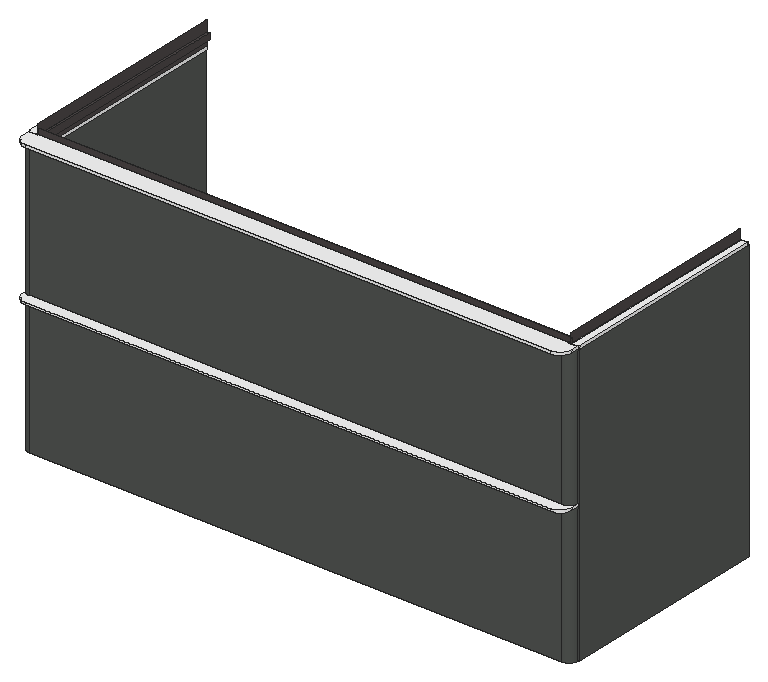
Revit family "vanity unit with 2 drawers", category Furniture, Revit 2019 (continued)
  Vanity unit 480_475 with 2 drawers for handrinse basin-54019700-High Gloss White-MATT_WHITE-400 | "25.3" | no | no | no | no | no | no | no | no | no | no | no | no | no | no | no | no | no | no | no | no | no | no | no | no | no | no | no | no | no | no | no | no | no | no | no | no | no | no | no | no | no | no | no | no | no | no | no | no | no | no | no | no | no | no | no | no | no | no | no | no | no | no | no | no | no | no | no | no | no | no | no | no | no | no | no | no | no | no | no | no | no | no | no | no | no | no | no | no | no | no | yes | no | no | no | no | no | no | no | no | no | no | no | no | no | no | no | no | no | no | no | no | no | no | no | no | no | no | no | no | no | "MATT_WHITE" | "https://pro.hansgrohe.com/articledetail--54019000" | "54019XXX" | "High Gloss White" | "Vanity unit 480/475 with 2 drawers for handrinse basin-54019700-High Gloss White-MATT_WHITE-400" | "Xelu Q Vanity unit High Gloss White 480/475 with 2 drawers for handrinse basin" | "Vanity unit 480/475 with 2 drawers for handrinse basin-54019700-High Gloss White-MATT_WHITE-400" | "{$CADENAS_DATA/23d-libs/hansgrohe/xelu_furniture/vanity_unit_2_drawers_basin/vanity_unit_with_2_drawers_for_basin.prj},358 {VTYP=3D},{NB=Vanity unit 480/475 with 2 drawers for handrinse basin-54019700-High Gloss White-MATT_WHITE-400},{LINA=Vanity unit 480/475 with 2 drawers for handrinse basin-54019700-High Gloss White-MATT_WHITE-400},{NN=Vanity Unit with 2 Drawers},{DATE=10.03.2023 08:13:12},{GEOMDATE=08.03.2023 13:51:26},{VERSION=},{LINEID=30},{WBVAR=LODLEVEL},{WBNUMERIC=}  {NB=Vanity unit 480/475 with 2 drawers for handrinse basin-54019700-High Gloss White-MATT_WHITE-400},{LINA=Vanity unit 480/475 with 2 drawers for handrinse basin-54019700-High Gloss White-MATT_WHITE-400},{KT=DUMMY},{IDNR=3},{ARTNR=54019700},{BASENUMBER=Vanity unit 480/475 with 2 drawers for handrinse basin},{MODEL=54019XXX},{OBERFLAECHE=High Gloss White},{SURFACE=MATT_WHITE},{L=480},{LODLEVEL=400},{LODLEVELX='400','400','200','200'},{NAME=Xelu Q Vanity unit High Gloss White 480/475 with 2 drawers for handrinse basin},{PERMALINK=54019XXX},{OBJECTTYPE=Object (single object)},{BIMOBJECT=Sanitary: Compound units},{PRODUCTFAMILY=Xelu Q},{PRODUCTGROUP=vanity unit},{WEIGHT=25.3},{DESCRIPTION=Xelu Q Vanity unit High Gloss White 480/475 with 2 drawers for handrinse basin},{SPECIFICATION=},{PRODUCTURL=https://pro.hansgrohe.com/articledetail--54019000},{GTINCODE=4059625455289},{TENDERURL=},{IFC=Furnishing element},{ETIM=EC011381 | Bathroom furniture set},{UNICLASS2015=Pr_40_30_78_05 | Bathroom furniture},{OMNICLASS=23-21 19 15 33 13 | Residential Bathroom Specialty Casework},{MASTERFORMAT=12 35 30.23 | Bathroom Casework},{UNSPSC=56 | Furniture and Furnishings},{UNIFORMATII=E2010 | Fixed Furnishings},{REGIONSET=Worldwide},{DESIGN=Germany},{MANUFACTURER=Germany}" | "400" | "Vanity unit 480/475 with 2 drawers for handrinse basin-54019700-High Gloss White-MATT_WHITE-400" | 480 | "4059625455289" | "Vanity unit 480/475 with 2 drawers for handrinse basin" | "54019700"
  Vanity unit 480_475 with 2 drawers for handrinse basin-54020000-Diamond Matt Grey-CHROME-200 | "25.3" | no | no | no | no | no | no | no | no | no | no | no | no | no | no | no | no | no | no | no | no | no | no | no | no | no | no | no | no | no | no | no | no | no | no | no | no | no | no | no | no | no | no | no | no | no | no | no | no | no | no | no | no | no | no | no | no | no | no | no | no | no | no | no | no | no | no | no | no | no | no | no | no | no | no | no | no | no | no | no | no | no | no | no | no | no | no | no | no | no | yes | no | no | no | no | no | no | no | no | no | no | no | no | no | no | no | no | no | no | no | no | no | no | no | no | no | no | no | no | no | no | "CHROME" | "https://pro.hansgrohe.com/articledetail--54020000" | "54020XXX" | "Diamond Matt Grey" | "Vanity unit 480/475 with 2 drawers for handrinse basin-54020000-Diamond Matt Grey-CHROME-200" | "Xelu Q Vanity unit Diamond Matt Grey 480/475 with 2 drawers for handrinse basin" | "Vanity unit 480/475 with 2 drawers for handrinse basin-54020000-Diamond Matt Grey-CHROME-200" | "{$CADENAS_DATA/23d-libs/hansgrohe/xelu_furniture/vanity_unit_2_drawers_basin/vanity_unit_with_2_drawers_for_basin.prj},352 {VTYP=3D},{NB=Vanity unit 480/475 with 2 drawers for handrinse basin-54020000-Diamond Matt Grey-CHROME-200},{LINA=Vanity unit 480/475 with 2 drawers for handrinse basin-54020000-Diamond Matt Grey-CHROME-200},{NN=Vanity Unit with 2 Drawers},{DATE=10.03.2023 08:13:12},{GEOMDATE=08.03.2023 13:51:26},{VERSION=},{LINEID=40},{WBVAR=LODLEVEL},{WBNUMERIC=}  {NB=Vanity unit 480/475 with 2 drawers for handrinse basin-54020000-Diamond Matt Grey-CHROME-200},{LINA=Vanity unit 480/475 with 2 drawers for handrinse basin-54020000-Diamond Matt Grey-CHROME-200},{KT=DUMMY},{IDNR=4},{ARTNR=54020000},{BASENUMBER=Vanity unit 480/475 with 2 drawers for handrinse basin},{MODEL=54020XXX},{OBERFLAECHE=Diamond Matt Grey},{SURFACE=CHROME},{L=480},{LODLEVEL=200},{LODLEVELX='400','400','200','200'},{NAME=Xelu Q Vanity unit Diamond Matt Grey 480/475 with 2 drawers for handrinse basin},{PERMALINK=54020XXX},{OBJECTTYPE=Object (single object)},{BIMOBJECT=Sanitary: Compound units},{PRODUCTFAMILY=Xelu Q},{PRODUCTGROUP=vanity unit},{WEIGHT=25.3},{DESCRIPTION=Xelu Q Vanity unit Diamond Matt Grey 480/475 with 2 drawers for handrinse basin},{SPECIFICATION=},{PRODUCTURL=https://pro.hansgrohe.com/articledetail--54020000},{GTINCODE=4059625455258},{TENDERURL=},{IFC=Furnishing element},{ETIM=EC011381 | Bathroom furniture set},{UNICLASS2015=Pr_40_30_78_05 | Bathroom furniture},{OMNICLASS=23-21 19 15 33 13 | Residential Bathroom Specialty Casework},{MASTERFORMAT=12 35 30.23 | Bathroom Casework},{UNSPSC=56 | Furniture and Furnishings},{UNIFORMATII=E2010 | Fixed Furnishings},{REGIONSET=Worldwide},{DESIGN=Germany},{MANUFACTURER=Germany}" | "200" | "Vanity unit 480/475 with 2 drawers for handrinse basin-54020000-Diamond Matt Grey-CHROME-200" | 480 | "4059625455258" | "Vanity unit 480/475 with 2 drawers for handrinse basin" | "54020000"
  Vanity unit 480_475 with 2 drawers for handrinse basin-54020000-Diamond Matt Grey-CHROME-400 | "25.3" | no | no | no | no | no | no | no | no | no | no | no | no | no | no | no | no | no | no | no | no | no | no | no | no | no | no | no | no | no | no | no | no | no | no | no | no | no | no | no | no | no | no | no | no | no | no | no | no | no | no | no | no | no | no | no | no | no | no | no | no | no | no | no | no | no | no | no | no | no | no | no | no | no | no | no | no | no | no | no | no | no | no | no | no | no | no | no | no | yes | no | no | no | no | no | no | no | no | no | no | no | no | no | no | no | no | no | no | no | no | no | no | no | no | no | no | no | no | no | no | no | "CHROME" | "https://pro.hansgrohe.com/articledetail--54020000" | "54020XXX" | "Diamond Matt Grey" | "Vanity unit 480/475 with 2 drawers for handrinse basin-54020000-Diamond Matt Grey-CHROME-400" | "Xelu Q Vanity unit Diamond Matt Grey 480/475 with 2 drawers for handrinse basin" | "Vanity unit 480/475 with 2 drawers for handrinse basin-54020000-Diamond Matt Grey-CHROME-400" | "{$CADENAS_DATA/23d-libs/hansgrohe/xelu_furniture/vanity_unit_2_drawers_basin/vanity_unit_with_2_drawers_for_basin.prj},352 {VTYP=3D},{NB=Vanity unit 480/475 with 2 drawers for handrinse basin-54020000-Diamond Matt Grey-CHROME-400},{LINA=Vanity unit 480/475 with 2 drawers for handrinse basin-54020000-Diamond Matt Grey-CHROME-400},{NN=Vanity Unit with 2 Drawers},{DATE=10.03.2023 08:13:12},{GEOMDATE=08.03.2023 13:51:26},{VERSION=},{LINEID=40},{WBVAR=LODLEVEL},{WBNUMERIC=}  {NB=Vanity unit 480/475 with 2 drawers for handrinse basin-54020000-Diamond Matt Grey-CHROME-400},{LINA=Vanity unit 480/475 with 2 drawers for handrinse basin-54020000-Diamond Matt Grey-CHROME-400},{KT=DUMMY},{IDNR=4},{ARTNR=54020000},{BASENUMBER=Vanity unit 480/475 with 2 drawers for handrinse basin},{MODEL=54020XXX},{OBERFLAECHE=Diamond Matt Grey},{SURFACE=CHROME},{L=480},{LODLEVEL=400},{LODLEVELX='400','400','200','200'},{NAME=Xelu Q Vanity unit Diamond Matt Grey 480/475 with 2 drawers for handrinse basin},{PERMALINK=54020XXX},{OBJECTTYPE=Object (single object)},{BIMOBJECT=Sanitary: Compound units},{PRODUCTFAMILY=Xelu Q},{PRODUCTGROUP=vanity unit},{WEIGHT=25.3},{DESCRIPTION=Xelu Q Vanity unit Diamond Matt Grey 480/475 with 2 drawers for handrinse basin},{SPECIFICATION=},{PRODUCTURL=https://pro.hansgrohe.com/articledetail--54020000},{GTINCODE=4059625455258},{TENDERURL=},{IFC=Furnishing element},{ETIM=EC011381 | Bathroom furniture set},{UNICLASS2015=Pr_40_30_78_05 | Bathroom furniture},{OMNICLASS=23-21 19 15 33 13 | Residential Bathroom Specialty Casework},{MASTERFORMAT=12 35 30.23 | Bathroom Casework},{UNSPSC=56 | Furniture and Furnishings},{UNIFORMATII=E2010 | Fixed Furnishings},{REGIONSET=Worldwide},{DESIGN=Germany},{MANUFACTURER=Germany}" | "400" | "Vanity unit 480/475 with 2 drawers for handrinse basin-54020000-Diamond Matt Grey-CHROME-400" | 480 | "4059625455258" | "Vanity unit 480/475 with 2 drawers for handrinse basin" | "54020000"
  Vanity unit 480_475 with 2 drawers for handrinse basin-54020670-Diamond Matt Grey-MATT_BLACK-200 | "25.3" | no | no | no | no | no | no | no | no | no | no | no | no | no | no | no | no | no | no | no | no | no | no | no | no | no | no | no | no | no | no | no | no | no | no | no | no | no | no | no | no | no | no | no | no | no | no | no | no | no | no | no | no | no | no | no | no | no | no | no | no | no | no | no | no | no | no | no | no | no | no | no | no | no | no | no | no | no | no | no | no | no | no | no | no | no | no | no | yes | no | no | no | no | no | no | no | no | no | no | no | no | no | no | no | no | no | no | no | no | no | no | no | no | no | no | no | no | no | no | no | no | "MATT_BLACK" | "https://pro.hansgrohe.com/articledetail--54020000" | "54020XXX" | "Diamond Matt Grey" | "Vanity unit 480/475 with 2 drawers for handrinse basin-54020670-Diamond Matt Grey-MATT_BLACK-200" | "Xelu Q Vanity unit Diamond Matt Grey 480/475 with 2 drawers for handrinse basin" | "Vanity unit 480/475 with 2 drawers for handrinse basin-54020670-Diamond Matt Grey-MATT_BLACK-200" | "{$CADENAS_DATA/23d-libs/hansgrohe/xelu_furniture/vanity_unit_2_drawers_basin/vanity_unit_with_2_drawers_for_basin.prj},360 {VTYP=3D},{NB=Vanity unit 480/475 with 2 drawers for handrinse basin-54020670-Diamond Matt Grey-MATT_BLACK-200},{LINA=Vanity unit 480/475 with 2 drawers for handrinse basin-54020670-Diamond Matt Grey-MATT_BLACK-200},{NN=Vanity Unit with 2 Drawers},{DATE=10.03.2023 08:13:12},{GEOMDATE=08.03.2023 13:51:26},{VERSION=},{LINEID=50},{WBVAR=LODLEVEL},{WBNUMERIC=}  {NB=Vanity unit 480/475 with 2 drawers for handrinse basin-54020670-Diamond Matt Grey-MATT_BLACK-200},{LINA=Vanity unit 480/475 with 2 drawers for handrinse basin-54020670-Diamond Matt Grey-MATT_BLACK-200},{KT=DUMMY},{IDNR=5},{ARTNR=54020670},{BASENUMBER=Vanity unit 480/475 with 2 drawers for handrinse basin},{MODEL=54020XXX},{OBERFLAECHE=Diamond Matt Grey},{SURFACE=MATT_BLACK},{L=480},{LODLEVEL=200},{LODLEVELX='400','400','200','200'},{NAME=Xelu Q Vanity unit Diamond Matt Grey 480/475 with 2 drawers for handrinse basin},{PERMALINK=54020XXX},{OBJECTTYPE=Object (single object)},{BIMOBJECT=Sanitary: Compound units},{PRODUCTFAMILY=Xelu Q},{PRODUCTGROUP=vanity unit},{WEIGHT=25.3},{DESCRIPTION=Xelu Q Vanity unit Diamond Matt Grey 480/475 with 2 drawers for handrinse basin},{SPECIFICATION=},{PRODUCTURL=https://pro.hansgrohe.com/articledetail--54020000},{GTINCODE=4059625455258},{TENDERURL=},{IFC=Furnishing element},{ETIM=EC011381 | Bathroom furniture set},{UNICLASS2015=Pr_40_30_78_05 | Bathroom furniture},{OMNICLASS=23-21 19 15 33 13 | Residential Bathroom Specialty Casework},{MASTERFORMAT=12 35 30.23 | Bathroom Casework},{UNSPSC=56 | Furniture and Furnishings},{UNIFORMATII=E2010 | Fixed Furnishings},{REGIONSET=Worldwide},{DESIGN=Germany},{MANUFACTURER=Germany}" | "200" | "Vanity unit 480/475 with 2 drawers for handrinse basin-54020670-Diamond Matt Grey-MATT_BLACK-200" | 480 | "4059625455258" | "Vanity unit 480/475 with 2 drawers for handrinse basin" | "54020670"
  Vanity unit 480_475 with 2 drawers for handrinse basin-54020670-Diamond Matt Grey-MATT_BLACK-400 | "25.3" | no | no | no | no | no | no | no | no | no | no | no | no | no | no | no | no | no | no | no | no | no | no | no | no | no | no | no | no | no | no | no | no | no | no | no | no | no | no | no | no | no | no | no | no | no | no | no | no | no | no | no | no | no | no | no | no | no | no | no | no | no | no | no | no | no | no | no | no | no | no | no | no | no | no | no | no | no | no | no | no | no | no | no | no | no | no | yes | no | no | no | no | no | no | no | no | no | no | no | no | no | no | no | no | no | no | no | no | no | no | no | no | no | no | no | no | no | no | no | no | no | "MATT_BLACK" | "https://pro.hansgrohe.com/articledetail--54020000" | "54020XXX" | "Diamond Matt Grey" | "Vanity unit 480/475 with 2 drawers for handrinse basin-54020670-Diamond Matt Grey-MATT_BLACK-400" | "Xelu Q Vanity unit Diamond Matt Grey 480/475 with 2 drawers for handrinse basin" | "Vanity unit 480/475 with 2 drawers for handrinse basin-54020670-Diamond Matt Grey-MATT_BLACK-400" | "{$CADENAS_DATA/23d-libs/hansgrohe/xelu_furniture/vanity_unit_2_drawers_basin/vanity_unit_with_2_drawers_for_basin.prj},360 {VTYP=3D},{NB=Vanity unit 480/475 with 2 drawers for handrinse basin-54020670-Diamond Matt Grey-MATT_BLACK-400},{LINA=Vanity unit 480/475 with 2 drawers for handrinse basin-54020670-Diamond Matt Grey-MATT_BLACK-400},{NN=Vanity Unit with 2 Drawers},{DATE=10.03.2023 08:13:12},{GEOMDATE=08.03.2023 13:51:26},{VERSION=},{LINEID=50},{WBVAR=LODLEVEL},{WBNUMERIC=}  {NB=Vanity unit 480/475 with 2 drawers for handrinse basin-54020670-Diamond Matt Grey-MATT_BLACK-400},{LINA=Vanity unit 480/475 with 2 drawers for handrinse basin-54020670-Diamond Matt Grey-MATT_BLACK-400},{KT=DUMMY},{IDNR=5},{ARTNR=54020670},{BASENUMBER=Vanity unit 480/475 with 2 drawers for handrinse basin},{MODEL=54020XXX},{OBERFLAECHE=Diamond Matt Grey},{SURFACE=MATT_BLACK},{L=480},{LODLEVEL=400},{LODLEVELX='400','400','200','200'},{NAME=Xelu Q Vanity unit Diamond Matt Grey 480/475 with 2 drawers for handrinse basin},{PERMALINK=54020XXX},{OBJECTTYPE=Object (single object)},{BIMOBJECT=Sanitary: Compound units},{PRODUCTFAMILY=Xelu Q},{PRODUCTGROUP=vanity unit},{WEIGHT=25.3},{DESCRIPTION=Xelu Q Vanity unit Diamond Matt Grey 480/475 with 2 drawers for handrinse basin},{SPECIFICATION=},{PRODUCTURL=https://pro.hansgrohe.com/articledetail--54020000},{GTINCODE=4059625455258},{TENDERURL=},{IFC=Furnishing element},{ETIM=EC011381 | Bathroom furniture set},{UNICLASS2015=Pr_40_30_78_05 | Bathroom furniture},{OMNICLASS=23-21 19 15 33 13 | Residential Bathroom Specialty Casework},{MASTERFORMAT=12 35 30.23 | Bathroom Casework},{UNSPSC=56 | Furniture and Furnishings},{UNIFORMATII=E2010 | Fixed Furnishings},{REGIONSET=Worldwide},{DESIGN=Germany},{MANUFACTURER=Germany}" | "400" | "Vanity unit 480/475 with 2 drawers for handrinse basin-54020670-Diamond Matt Grey-MATT_BLACK-400" | 480 | "4059625455258" | "Vanity unit 480/475 with 2 drawers for handrinse basin" | "54020670"
  Vanity unit 480_475 with 2 drawers for handrinse basin-54020700-Diamond Matt Grey-MATT_WHITE-200 | "25.3" | no | no | no | no | no | no | no | no | no | no | no | no | no | no | no | no | no | no | no | no | no | no | no | no | no | no | no | no | no | no | no | no | no | no | no | no | no | no | no | no | no | no | no | no | no | no | no | no | no | no | no | no | no | no | no | no | no | no | no | no | no | no | no | no | no | no | no | no | no | no | no | no | no | no | no | no | no | no | no | no | no | no | no | no | no | yes | no | no | no | no | no | no | no | no | no | no | no | no | no | no | no | no | no | no | no | no | no | no | no | no | no | no | no | no | no | no | no | no | no | no | "MATT_WHITE" | "https://pro.hansgrohe.com/articledetail--54020000" | "54020XXX" | "Diamond Matt Grey" | "Vanity unit 480/475 with 2 drawers for handrinse basin-54020700-Diamond Matt Grey-MATT_WHITE-200" | "Xelu Q Vanity unit Diamond Matt Grey 480/475 with 2 drawers for handrinse basin" | "Vanity unit 480/475 with 2 drawers for handrinse basin-54020700-Diamond Matt Grey-MATT_WHITE-200" | "{$CADENAS_DATA/23d-libs/hansgrohe/xelu_furniture/vanity_unit_2_drawers_basin/vanity_unit_with_2_drawers_for_basin.prj},360 {VTYP=3D},{NB=Vanity unit 480/475 with 2 drawers for handrinse basin-54020700-Diamond Matt Grey-MATT_WHITE-200},{LINA=Vanity unit 480/475 with 2 drawers for handrinse basin-54020700-Diamond Matt Grey-MATT_WHITE-200},{NN=Vanity Unit with 2 Drawers},{DATE=10.03.2023 08:13:12},{GEOMDATE=08.03.2023 13:51:26},{VERSION=},{LINEID=60},{WBVAR=LODLEVEL},{WBNUMERIC=}  {NB=Vanity unit 480/475 with 2 drawers for handrinse basin-54020700-Diamond Matt Grey-MATT_WHITE-200},{LINA=Vanity unit 480/475 with 2 drawers for handrinse basin-54020700-Diamond Matt Grey-MATT_WHITE-200},{KT=DUMMY},{IDNR=6},{ARTNR=54020700},{BASENUMBER=Vanity unit 480/475 with 2 drawers for handrinse basin},{MODEL=54020XXX},{OBERFLAECHE=Diamond Matt Grey},{SURFACE=MATT_WHITE},{L=480},{LODLEVEL=200},{LODLEVELX='400','400','200','200'},{NAME=Xelu Q Vanity unit Diamond Matt Grey 480/475 with 2 drawers for handrinse basin},{PERMALINK=54020XXX},{OBJECTTYPE=Object (single object)},{BIMOBJECT=Sanitary: Compound units},{PRODUCTFAMILY=Xelu Q},{PRODUCTGROUP=vanity unit},{WEIGHT=25.3},{DESCRIPTION=Xelu Q Vanity unit Diamond Matt Grey 480/475 with 2 drawers for handrinse basin},{SPECIFICATION=},{PRODUCTURL=https://pro.hansgrohe.com/articledetail--54020000},{GTINCODE=4059625455258},{TENDERURL=},{IFC=Furnishing element},{ETIM=EC011381 | Bathroom furniture set},{UNICLASS2015=Pr_40_30_78_05 | Bathroom furniture},{OMNICLASS=23-21 19 15 33 13 | Residential Bathroom Specialty Casework},{MASTERFORMAT=12 35 30.23 | Bathroom Casework},{UNSPSC=56 | Furniture and Furnishings},{UNIFORMATII=E2010 | Fixed Furnishings},{REGIONSET=Worldwide},{DESIGN=Germany},{MANUFACTURER=Germany}" | "200" | "Vanity unit 480/475 with 2 drawers for handrinse basin-54020700-Diamond Matt Grey-MATT_WHITE-200" | 480 | "4059625455258" | "Vanity unit 480/475 with 2 drawers for handrinse basin" | "54020700"
  Vanity unit 480_475 with 2 drawers for handrinse basin-54020700-Diamond Matt Grey-MATT_WHITE-400 | "25.3" | no | no | no | no | no | no | no | no | no | no | no | no | no | no | no | no | no | no | no | no | no | no | no | no | no | no | no | no | no | no | no | no | no | no | no | no | no | no | no | no | no | no | no | no | no | no | no | no | no | no | no | no | no | no | no | no | no | no | no | no | no | no | no | no | no | no | no | no | no | no | no | no | no | no | no | no | no | no | no | no | no | no | no | no | yes | no | no | no | no | no | no | no | no | no | no | no | no | no | no | no | no | no | no | no | no | no | no | no | no | no | no | no | no | no | no | no | no | no | no | no | "MATT_WHITE" | "https://pro.hansgrohe.com/articledetail--54020000" | "54020XXX" | "Diamond Matt Grey" | "Vanity unit 480/475 with 2 drawers for handrinse basin-54020700-Diamond Matt Grey-MATT_WHITE-400" | "Xelu Q Vanity unit Diamond Matt Grey 480/475 with 2 drawers for handrinse basin" | "Vanity unit 480/475 with 2 drawers for handrinse basin-54020700-Diamond Matt Grey-MATT_WHITE-400" | "{$CADENAS_DATA/23d-libs/hansgrohe/xelu_furniture/vanity_unit_2_drawers_basin/vanity_unit_with_2_drawers_for_basin.prj},360 {VTYP=3D},{NB=Vanity unit 480/475 with 2 drawers for handrinse basin-54020700-Diamond Matt Grey-MATT_WHITE-400},{LINA=Vanity unit 480/475 with 2 drawers for handrinse basin-54020700-Diamond Matt Grey-MATT_WHITE-400},{NN=Vanity Unit with 2 Drawers},{DATE=10.03.2023 08:13:12},{GEOMDATE=08.03.2023 13:51:26},{VERSION=},{LINEID=60},{WBVAR=LODLEVEL},{WBNUMERIC=}  {NB=Vanity unit 480/475 with 2 drawers for handrinse basin-54020700-Diamond Matt Grey-MATT_WHITE-400},{LINA=Vanity unit 480/475 with 2 drawers for handrinse basin-54020700-Diamond Matt Grey-MATT_WHITE-400},{KT=DUMMY},{IDNR=6},{ARTNR=54020700},{BASENUMBER=Vanity unit 480/475 with 2 drawers for handrinse basin},{MODEL=54020XXX},{OBERFLAECHE=Diamond Matt Grey},{SURFACE=MATT_WHITE},{L=480},{LODLEVEL=400},{LODLEVELX='400','400','200','200'},{NAME=Xelu Q Vanity unit Diamond Matt Grey 480/475 with 2 drawers for handrinse basin},{PERMALINK=54020XXX},{OBJECTTYPE=Object (single object)},{BIMOBJECT=Sanitary: Compound units},{PRODUCTFAMILY=Xelu Q},{PRODUCTGROUP=vanity unit},{WEIGHT=25.3},{DESCRIPTION=Xelu Q Vanity unit Diamond Matt Grey 480/475 with 2 drawers for handrinse basin},{SPECIFICATION=},{PRODUCTURL=https://pro.hansgrohe.com/articledetail--54020000},{GTINCODE=4059625455258},{TENDERURL=},{IFC=Furnishing element},{ETIM=EC011381 | Bathroom furniture set},{UNICLASS2015=Pr_40_30_78_05 | Bathroom furniture},{OMNICLASS=23-21 19 15 33 13 | Residential Bathroom Specialty Casework},{MASTERFORMAT=12 35 30.23 | Bathroom Casework},{UNSPSC=56 | Furniture and Furnishings},{UNIFORMATII=E2010 | Fixed Furnishings},{REGIONSET=Worldwide},{DESIGN=Germany},{MANUFACTURER=Germany}" | "400" | "Vanity unit 480/475 with 2 drawers for handrinse basin-54020700-Diamond Matt Grey-MATT_WHITE-400" | 480 | "4059625455258" | "Vanity unit 480/475 with 2 drawers for handrinse basin" | "54020700"
  Vanity unit 480_475 with 2 drawers for handrinse basin-54021000-Natural Oak-CHROME-200 | "25.3" | no | no | no | no | no | no | no | no | no | no | no | no | no | no | no | no | no | no | no | no | no | no | no | no | no | no | no | no | no | no | no | no | no | no | no | no | no | no | no | no | no | no | no | no | no | no | no | no | no | no | no | no | no | no | no | no | no | no | no | no | no | no | no | no | no | no | no | no | no | no | no | no | no | no | no | no | no | no | no | no | no | no | no | yes | no | no | no | no | no | no | no | no | no | no | no | no | no | no | no | no | no | no | no | no | no | no | no | no | no | no | no | no | no | no | no | no | no | no | no | no | "CHROME" | "https://pro.hansgrohe.com/articledetail--54021000" | "54021XXX" | "Natural Oak" | "Vanity unit 480/475 with 2 drawers for handrinse basin-54021000-Natural Oak-CHROME-200" | "Xelu Q Vanity unit Natural Oak 480/475 with 2 drawers for handrinse basin" | "Vanity unit 480/475 with 2 drawers for handrinse basin-54021000-Natural Oak-CHROME-200" | "{$CADENAS_DATA/23d-libs/hansgrohe/xelu_furniture/vanity_unit_2_drawers_basin/vanity_unit_with_2_drawers_for_basin.prj},340 {VTYP=3D},{NB=Vanity unit 480/475 with 2 drawers for handrinse basin-54021000-Natural Oak-CHROME-200},{LINA=Vanity unit 480/475 with 2 drawers for handrinse basin-54021000-Natural Oak-CHROME-200},{NN=Vanity Unit with 2 Drawers},{DATE=10.03.2023 08:13:12},{GEOMDATE=08.03.2023 13:51:26},{VERSION=},{LINEID=90},{WBVAR=LODLEVEL},{WBNUMERIC=}  {NB=Vanity unit 480/475 with 2 drawers for handrinse basin-54021000-Natural Oak-CHROME-200},{LINA=Vanity unit 480/475 with 2 drawers for handrinse basin-54021000-Natural Oak-CHROME-200},{KT=DUMMY},{IDNR=9},{ARTNR=54021000},{BASENUMBER=Vanity unit 480/475 with 2 drawers for handrinse basin},{MODEL=54021XXX},{OBERFLAECHE=Natural Oak},{SURFACE=CHROME},{L=480},{LODLEVEL=200},{LODLEVELX='400','400','200','200'},{NAME=Xelu Q Vanity unit Natural Oak 480/475 with 2 drawers for handrinse basin},{PERMALINK=54021XXX},{OBJECTTYPE=Object (single object)},{BIMOBJECT=Sanitary: Compound units},{PRODUCTFAMILY=Xelu Q},{PRODUCTGROUP=vanity unit},{WEIGHT=25.3},{DESCRIPTION=Xelu Q Vanity unit Natural Oak 480/475 with 2 drawers for handrinse basin},{SPECIFICATION=},{PRODUCTURL=https://pro.hansgrohe.com/articledetail--54021000},{GTINCODE=4059625455227},{TENDERURL=},{IFC=Furnishing element},{ETIM=EC011381 | Bathroom furniture set},{UNICLASS2015=Pr_40_30_78_05 | Bathroom furniture},{OMNICLASS=23-21 19 15 33 13 | Residential Bathroom Specialty Casework},{MASTERFORMAT=12 35 30.23 | Bathroom Casework},{UNSPSC=56 | Furniture and Furnishings},{UNIFORMATII=E2010 | Fixed Furnishings},{REGIONSET=Worldwide},{DESIGN=Germany},{MANUFACTURER=Germany}" | "200" | "Vanity unit 480/475 with 2 drawers for handrinse basin-54021000-Natural Oak-CHROME-200" | 480 | "4059625455227" | "Vanity unit 480/475 with 2 drawers for handrinse basin" | "54021000"
  Vanity unit 480_475 with 2 drawers for handrinse basin-54021000-Natural Oak-CHROME-400 | "25.3" | no | no | no | no | no | no | no | no | no | no | no | no | no | no | no | no | no | no | no | no | no | no | no | no | no | no | no | no | no | no | no | no | no | no | no | no | no | no | no | no | no | no | no | no | no | no | no | no | no | no | no | no | no | no | no | no | no | no | no | no | no | no | no | no | no | no | no | no | no | no | no | no | no | no | no | no | no | no | no | no | no | no | yes | no | no | no | no | no | no | no | no | no | no | no | no | no | no | no | no | no | no | no | no | no | no | no | no | no | no | no | no | no | no | no | no | no | no | no | no | no | "CHROME" | "https://pro.hansgrohe.com/articledetail--54021000" | "54021XXX" | "Natural Oak" | "Vanity unit 480/475 with 2 drawers for handrinse basin-54021000-Natural Oak-CHROME-400" | "Xelu Q Vanity unit Natural Oak 480/475 with 2 drawers for handrinse basin" | "Vanity unit 480/475 with 2 drawers for handrinse basin-54021000-Natural Oak-CHROME-400" | "{$CADENAS_DATA/23d-libs/hansgrohe/xelu_furniture/vanity_unit_2_drawers_basin/vanity_unit_with_2_drawers_for_basin.prj},340 {VTYP=3D},{NB=Vanity unit 480/475 with 2 drawers for handrinse basin-54021000-Natural Oak-CHROME-400},{LINA=Vanity unit 480/475 with 2 drawers for handrinse basin-54021000-Natural Oak-CHROME-400},{NN=Vanity Unit with 2 Drawers},{DATE=10.03.2023 08:13:12},{GEOMDATE=08.03.2023 13:51:26},{VERSION=},{LINEID=90},{WBVAR=LODLEVEL},{WBNUMERIC=}  {NB=Vanity unit 480/475 with 2 drawers for handrinse basin-54021000-Natural Oak-CHROME-400},{LINA=Vanity unit 480/475 with 2 drawers for handrinse basin-54021000-Natural Oak-CHROME-400},{KT=DUMMY},{IDNR=9},{ARTNR=54021000},{BASENUMBER=Vanity unit 480/475 with 2 drawers for handrinse basin},{MODEL=54021XXX},{OBERFLAECHE=Natural Oak},{SURFACE=CHROME},{L=480},{LODLEVEL=400},{LODLEVELX='400','400','200','200'},{NAME=Xelu Q Vanity unit Natural Oak 480/475 with 2 drawers for handrinse basin},{PERMALINK=54021XXX},{OBJECTTYPE=Object (single object)},{BIMOBJECT=Sanitary: Compound units},{PRODUCTFAMILY=Xelu Q},{PRODUCTGROUP=vanity unit},{WEIGHT=25.3},{DESCRIPTION=Xelu Q Vanity unit Natural Oak 480/475 with 2 drawers for handrinse basin},{SPECIFICATION=},{PRODUCTURL=https://pro.hansgrohe.com/articledetail--54021000},{GTINCODE=4059625455227},{TENDERURL=},{IFC=Furnishing element},{ETIM=EC011381 | Bathroom furniture set},{UNICLASS2015=Pr_40_30_78_05 | Bathroom furniture},{OMNICLASS=23-21 19 15 33 13 | Residential Bathroom Specialty Casework},{MASTERFORMAT=12 35 30.23 | Bathroom Casework},{UNSPSC=56 | Furniture and Furnishings},{UNIFORMATII=E2010 | Fixed Furnishings},{REGIONSET=Worldwide},{DESIGN=Germany},{MANUFACTURER=Germany}" | "400" | "Vanity unit 480/475 with 2 drawers for handrinse basin-54021000-Natural Oak-CHROME-400" | 480 | "4059625455227" | "Vanity unit 480/475 with 2 drawers for handrinse basin" | "54021000"
  Vanity unit 480_475 with 2 drawers for handrinse basin-54021670-Natural Oak-MATT_BLACK-200 | "25.3" | no | no | no | no | no | no | no | no | no | no | no | no | no | no | no | no | no | no | no | no | no | no | no | no | no | no | no | no | no | no | no | no | no | no | no | no | no | no | no | no | no | no | no | no | no | no | no | no | no | no | no | no | no | no | no | no | no | no | no | no | no | no | no | no | no | no | no | no | no | no | no | no | no | no | no | no | no | no | no | no | no | yes | no | no | no | no | no | no | no | no | no | no | no | no | no | no | no | no | no | no | no | no | no | no | no | no | no | no | no | no | no | no | no | no | no | no | no | no | no | no | "MATT_BLACK" | "https://pro.hansgrohe.com/articledetail--54021000" | "54021XXX" | "Natural Oak" | "Vanity unit 480/475 with 2 drawers for handrinse basin-54021670-Natural Oak-MATT_BLACK-200" | "Xelu Q Vanity unit Natural Oak 480/475 with 2 drawers for handrinse basin" | "Vanity unit 480/475 with 2 drawers for handrinse basin-54021670-Natural Oak-MATT_BLACK-200" | "{$CADENAS_DATA/23d-libs/hansgrohe/xelu_furniture/vanity_unit_2_drawers_basin/vanity_unit_with_2_drawers_for_basin.prj},348 {VTYP=3D},{NB=Vanity unit 480/475 with 2 drawers for handrinse basin-54021670-Natural Oak-MATT_BLACK-200},{LINA=Vanity unit 480/475 with 2 drawers for handrinse basin-54021670-Natural Oak-MATT_BLACK-200},{NN=Vanity Unit with 2 Drawers},{DATE=10.03.2023 08:13:12},{GEOMDATE=08.03.2023 13:51:26},{VERSION=},{LINEID=70},{WBVAR=LODLEVEL},{WBNUMERIC=}  {NB=Vanity unit 480/475 with 2 drawers for handrinse basin-54021670-Natural Oak-MATT_BLACK-200},{LINA=Vanity unit 480/475 with 2 drawers for handrinse basin-54021670-Natural Oak-MATT_BLACK-200},{KT=DUMMY},{IDNR=7},{ARTNR=54021670},{BASENUMBER=Vanity unit 480/475 with 2 drawers for handrinse basin},{MODEL=54021XXX},{OBERFLAECHE=Natural Oak},{SURFACE=MATT_BLACK},{L=480},{LODLEVEL=200},{LODLEVELX='400','400','200','200'},{NAME=Xelu Q Vanity unit Natural Oak 480/475 with 2 drawers for handrinse basin},{PERMALINK=54021XXX},{OBJECTTYPE=Object (single object)},{BIMOBJECT=Sanitary: Compound units},{PRODUCTFAMILY=Xelu Q},{PRODUCTGROUP=vanity unit},{WEIGHT=25.3},{DESCRIPTION=Xelu Q Vanity unit Natural Oak 480/475 with 2 drawers for handrinse basin},{SPECIFICATION=},{PRODUCTURL=https://pro.hansgrohe.com/articledetail--54021000},{GTINCODE=4059625455227},{TENDERURL=},{IFC=Furnishing element},{ETIM=EC011381 | Bathroom furniture set},{UNICLASS2015=Pr_40_30_78_05 | Bathroom furniture},{OMNICLASS=23-21 19 15 33 13 | Residential Bathroom Specialty Casework},{MASTERFORMAT=12 35 30.23 | Bathroom Casework},{UNSPSC=56 | Furniture and Furnishings},{UNIFORMATII=E2010 | Fixed Furnishings},{REGIONSET=Worldwide},{DESIGN=Germany},{MANUFACTURER=Germany}" | "200" | "Vanity unit 480/475 with 2 drawers for handrinse basin-54021670-Natural Oak-MATT_BLACK-200" | 480 | "4059625455227" | "Vanity unit 480/475 with 2 drawers for handrinse basin" | "54021670"
  Vanity unit 480_475 with 2 drawers for handrinse basin-54021670-Natural Oak-MATT_BLACK-400 | "25.3" | no | no | no | no | no | no | no | no | no | no | no | no | no | no | no | no | no | no | no | no | no | no | no | no | no | no | no | no | no | no | no | no | no | no | no | no | no | no | no | no | no | no | no | no | no | no | no | no | no | no | no | no | no | no | no | no | no | no | no | no | no | no | no | no | no | no | no | no | no | no | no | no | no | no | no | no | no | no | no | no | yes | no | no | no | no | no | no | no | no | no | no | no | no | no | no | no | no | no | no | no | no | no | no | no | no | no | no | no | no | no | no | no | no | no | no | no | no | no | no | no | "MATT_BLACK" | "https://pro.hansgrohe.com/articledetail--54021000" | "54021XXX" | "Natural Oak" | "Vanity unit 480/475 with 2 drawers for handrinse basin-54021670-Natural Oak-MATT_BLACK-400" | "Xelu Q Vanity unit Natural Oak 480/475 with 2 drawers for handrinse basin" | "Vanity unit 480/475 with 2 drawers for handrinse basin-54021670-Natural Oak-MATT_BLACK-400" | "{$CADENAS_DATA/23d-libs/hansgrohe/xelu_furniture/vanity_unit_2_drawers_basin/vanity_unit_with_2_drawers_for_basin.prj},348 {VTYP=3D},{NB=Vanity unit 480/475 with 2 drawers for handrinse basin-54021670-Natural Oak-MATT_BLACK-400},{LINA=Vanity unit 480/475 with 2 drawers for handrinse basin-54021670-Natural Oak-MATT_BLACK-400},{NN=Vanity Unit with 2 Drawers},{DATE=10.03.2023 08:13:12},{GEOMDATE=08.03.2023 13:51:26},{VERSION=},{LINEID=70},{WBVAR=LODLEVEL},{WBNUMERIC=}  {NB=Vanity unit 480/475 with 2 drawers for handrinse basin-54021670-Natural Oak-MATT_BLACK-400},{LINA=Vanity unit 480/475 with 2 drawers for handrinse basin-54021670-Natural Oak-MATT_BLACK-400},{KT=DUMMY},{IDNR=7},{ARTNR=54021670},{BASENUMBER=Vanity unit 480/475 with 2 drawers for handrinse basin},{MODEL=54021XXX},{OBERFLAECHE=Natural Oak},{SURFACE=MATT_BLACK},{L=480},{LODLEVEL=400},{LODLEVELX='400','400','200','200'},{NAME=Xelu Q Vanity unit Natural Oak 480/475 with 2 drawers for handrinse basin},{PERMALINK=54021XXX},{OBJECTTYPE=Object (single object)},{BIMOBJECT=Sanitary: Compound units},{PRODUCTFAMILY=Xelu Q},{PRODUCTGROUP=vanity unit},{WEIGHT=25.3},{DESCRIPTION=Xelu Q Vanity unit Natural Oak 480/475 with 2 drawers for handrinse basin},{SPECIFICATION=},{PRODUCTURL=https://pro.hansgrohe.com/articledetail--54021000},{GTINCODE=4059625455227},{TENDERURL=},{IFC=Furnishing element},{ETIM=EC011381 | Bathroom furniture set},{UNICLASS2015=Pr_40_30_78_05 | Bathroom furniture},{OMNICLASS=23-21 19 15 33 13 | Residential Bathroom Specialty Casework},{MASTERFORMAT=12 35 30.23 | Bathroom Casework},{UNSPSC=56 | Furniture and Furnishings},{UNIFORMATII=E2010 | Fixed Furnishings},{REGIONSET=Worldwide},{DESIGN=Germany},{MANUFACTURER=Germany}" | "400" | "Vanity unit 480/475 with 2 drawers for handrinse basin-54021670-Natural Oak-MATT_BLACK-400" | 480 | "4059625455227" | "Vanity unit 480/475 with 2 drawers for handrinse basin" | "54021670"
  Vanity unit 480_475 with 2 drawers for handrinse basin-54021700-Natural Oak-MATT_WHITE-200 | "25.3" | no | no | no | no | no | no | no | no | no | no | no | no | no | no | no | no | no | no | no | no | no | no | no | no | no | no | no | no | no | no | no | no | no | no | no | no | no | no | no | no | no | no | no | no | no | no | no | no | no | no | no | no | no | no | no | no | no | no | no | no | no | no | no | no | no | no | no | no | no | no | no | no | no | no | no | no | no | no | no | yes | no | no | no | no | no | no | no | no | no | no | no | no | no | no | no | no | no | no | no | no | no | no | no | no | no | no | no | no | no | no | no | no | no | no | no | no | no | no | no | no | "MATT_WHITE" | "https://pro.hansgrohe.com/articledetail--54021000" | "54021XXX" | "Natural Oak" | "Vanity unit 480/475 with 2 drawers for handrinse basin-54021700-Natural Oak-MATT_WHITE-200" | "Xelu Q Vanity unit Natural Oak 480/475 with 2 drawers for handrinse basin" | "Vanity unit 480/475 with 2 drawers for handrinse basin-54021700-Natural Oak-MATT_WHITE-200" | "{$CADENAS_DATA/23d-libs/hansgrohe/xelu_furniture/vanity_unit_2_drawers_basin/vanity_unit_with_2_drawers_for_basin.prj},348 {VTYP=3D},{NB=Vanity unit 480/475 with 2 drawers for handrinse basin-54021700-Natural Oak-MATT_WHITE-200},{LINA=Vanity unit 480/475 with 2 drawers for handrinse basin-54021700-Natural Oak-MATT_WHITE-200},{NN=Vanity Unit with 2 Drawers},{DATE=10.03.2023 08:13:12},{GEOMDATE=08.03.2023 13:51:26},{VERSION=},{LINEID=80},{WBVAR=LODLEVEL},{WBNUMERIC=}  {NB=Vanity unit 480/475 with 2 drawers for handrinse basin-54021700-Natural Oak-MATT_WHITE-200},{LINA=Vanity unit 480/475 with 2 drawers for handrinse basin-54021700-Natural Oak-MATT_WHITE-200},{KT=DUMMY},{IDNR=8},{ARTNR=54021700},{BASENUMBER=Vanity unit 480/475 with 2 drawers for handrinse basin},{MODEL=54021XXX},{OBERFLAECHE=Natural Oak},{SURFACE=MATT_WHITE},{L=480},{LODLEVEL=200},{LODLEVELX='400','400','200','200'},{NAME=Xelu Q Vanity unit Natural Oak 480/475 with 2 drawers for handrinse basin},{PERMALINK=54021XXX},{OBJECTTYPE=Object (single object)},{BIMOBJECT=Sanitary: Compound units},{PRODUCTFAMILY=Xelu Q},{PRODUCTGROUP=vanity unit},{WEIGHT=25.3},{DESCRIPTION=Xelu Q Vanity unit Natural Oak 480/475 with 2 drawers for handrinse basin},{SPECIFICATION=},{PRODUCTURL=https://pro.hansgrohe.com/articledetail--54021000},{GTINCODE=4059625455227},{TENDERURL=},{IFC=Furnishing element},{ETIM=EC011381 | Bathroom furniture set},{UNICLASS2015=Pr_40_30_78_05 | Bathroom furniture},{OMNICLASS=23-21 19 15 33 13 | Residential Bathroom Specialty Casework},{MASTERFORMAT=12 35 30.23 | Bathroom Casework},{UNSPSC=56 | Furniture and Furnishings},{UNIFORMATII=E2010 | Fixed Furnishings},{REGIONSET=Worldwide},{DESIGN=Germany},{MANUFACTURER=Germany}" | "200" | "Vanity unit 480/475 with 2 drawers for handrinse basin-54021700-Natural Oak-MATT_WHITE-200" | 480 | "4059625455227" | "Vanity unit 480/475 with 2 drawers for handrinse basin" | "54021700"
  Vanity unit 480_475 with 2 drawers for handrinse basin-54021700-Natural Oak-MATT_WHITE-400 | "25.3" | no | no | no | no | no | no | no | no | no | no | no | no | no | no | no | no | no | no | no | no | no | no | no | no | no | no | no | no | no | no | no | no | no | no | no | no | no | no | no | no | no | no | no | no | no | no | no | no | no | no | no | no | no | no | no | no | no | no | no | no | no | no | no | no | no | no | no | no | no | no | no | no | no | no | no | no | no | no | yes | no | no | no | no | no | no | no | no | no | no | no | no | no | no | no | no | no | no | no | no | no | no | no | no | no | no | no | no | no | no | no | no | no | no | no | no | no | no | no | no | no | "MATT_WHITE" | "https://pro.hansgrohe.com/articledetail--54021000" | "54021XXX" | "Natural Oak" | "Vanity unit 480/475 with 2 drawers for handrinse basin-54021700-Natural Oak-MATT_WHITE-400" | "Xelu Q Vanity unit Natural Oak 480/475 with 2 drawers for handrinse basin" | "Vanity unit 480/475 with 2 drawers for handrinse basin-54021700-Natural Oak-MATT_WHITE-400" | "{$CADENAS_DATA/23d-libs/hansgrohe/xelu_furniture/vanity_unit_2_drawers_basin/vanity_unit_with_2_drawers_for_basin.prj},348 {VTYP=3D},{NB=Vanity unit 480/475 with 2 drawers for handrinse basin-54021700-Natural Oak-MATT_WHITE-400},{LINA=Vanity unit 480/475 with 2 drawers for handrinse basin-54021700-Natural Oak-MATT_WHITE-400},{NN=Vanity Unit with 2 Drawers},{DATE=10.03.2023 08:13:12},{GEOMDATE=08.03.2023 13:51:26},{VERSION=},{LINEID=80},{WBVAR=LODLEVEL},{WBNUMERIC=}  {NB=Vanity unit 480/475 with 2 drawers for handrinse basin-54021700-Natural Oak-MATT_WHITE-400},{LINA=Vanity unit 480/475 with 2 drawers for handrinse basin-54021700-Natural Oak-MATT_WHITE-400},{KT=DUMMY},{IDNR=8},{ARTNR=54021700},{BASENUMBER=Vanity unit 480/475 with 2 drawers for handrinse basin},{MODEL=54021XXX},{OBERFLAECHE=Natural Oak},{SURFACE=MATT_WHITE},{L=480},{LODLEVEL=400},{LODLEVELX='400','400','200','200'},{NAME=Xelu Q Vanity unit Natural Oak 480/475 with 2 drawers for handrinse basin},{PERMALINK=54021XXX},{OBJECTTYPE=Object (single object)},{BIMOBJECT=Sanitary: Compound units},{PRODUCTFAMILY=Xelu Q},{PRODUCTGROUP=vanity unit},{WEIGHT=25.3},{DESCRIPTION=Xelu Q Vanity unit Natural Oak 480/475 with 2 drawers for handrinse basin},{SPECIFICATION=},{PRODUCTURL=https://pro.hansgrohe.com/articledetail--54021000},{GTINCODE=4059625455227},{TENDERURL=},{IFC=Furnishing element},{ETIM=EC011381 | Bathroom furniture set},{UNICLASS2015=Pr_40_30_78_05 | Bathroom furniture},{OMNICLASS=23-21 19 15 33 13 | Residential Bathroom Specialty Casework},{MASTERFORMAT=12 35 30.23 | Bathroom Casework},{UNSPSC=56 | Furniture and Furnishings},{UNIFORMATII=E2010 | Fixed Furnishings},{REGIONSET=Worldwide},{DESIGN=Germany},{MANUFACTURER=Germany}" | "400" | "Vanity unit 480/475 with 2 drawers for handrinse basin-54021700-Natural Oak-MATT_WHITE-400" | 480 | "4059625455227" | "Vanity unit 480/475 with 2 drawers for handrinse basin" | "54021700"
  Vanity unit 480_475 with 2 drawers for handrinse basin-54022000-Dark Walnut-CHROME-200 | "25.3" | no | no | no | no | no | no | no | no | no | no | no | no | no | no | no | no | no | no | no | no | no | no | no | no | no | no | no | no | no | no | no | no | no | no | no | no | no | no | no | no | no | no | no | no | no | no | no | no | no | no | no | no | no | no | no | no | no | no | no | no | no | no | no | no | no | no | no | no | no | no | no | no | no | no | no | no | no | yes | no | no | no | no | no | no | no | no | no | no | no | no | no | no | no | no | no | no | no | no | no | no | no | no | no | no | no | no | no | no | no | no | no | no | no | no | no | no | no | no | no | no | "CHROME" | "https://pro.hansgrohe.com/articledetail--54022000" | "54022XXX" | "Dark Walnut" | "Vanity unit 480/475 with 2 drawers for handrinse basin-54022000-Dark Walnut-CHROME-200" | "Xelu Q Vanity unit Dark Walnut 480/475 with 2 drawers for handrinse basin" | "Vanity unit 480/475 with 2 drawers for handrinse basin-54022000-Dark Walnut-CHROME-200" | "{$CADENAS_DATA/23d-libs/hansgrohe/xelu_furniture/vanity_unit_2_drawers_basin/vanity_unit_with_2_drawers_for_basin.prj},341 {VTYP=3D},{NB=Vanity unit 480/475 with 2 drawers for handrinse basin-54022000-Dark Walnut-CHROME-200},{LINA=Vanity unit 480/475 with 2 drawers for handrinse basin-54022000-Dark Walnut-CHROME-200},{NN=Vanity Unit with 2 Drawers},{DATE=10.03.2023 08:13:12},{GEOMDATE=08.03.2023 13:51:26},{VERSION=},{LINEID=120},{WBVAR=LODLEVEL},{WBNUMERIC=}  {NB=Vanity unit 480/475 with 2 drawers for handrinse basin-54022000-Dark Walnut-CHROME-200},{LINA=Vanity unit 480/475 with 2 drawers for handrinse basin-54022000-Dark Walnut-CHROME-200},{KT=DUMMY},{IDNR=12},{ARTNR=54022000},{BASENUMBER=Vanity unit 480/475 with 2 drawers for handrinse basin},{MODEL=54022XXX},{OBERFLAECHE=Dark Walnut},{SURFACE=CHROME},{L=480},{LODLEVEL=200},{LODLEVELX='400','400','200','200'},{NAME=Xelu Q Vanity unit Dark Walnut 480/475 with 2 drawers for handrinse basin},{PERMALINK=54022XXX},{OBJECTTYPE=Object (single object)},{BIMOBJECT=Sanitary: Compound units},{PRODUCTFAMILY=Xelu Q},{PRODUCTGROUP=vanity unit},{WEIGHT=25.3},{DESCRIPTION=Xelu Q Vanity unit Dark Walnut 480/475 with 2 drawers for handrinse basin},{SPECIFICATION=},{PRODUCTURL=https://pro.hansgrohe.com/articledetail--54022000},{GTINCODE=4059625455197},{TENDERURL=},{IFC=Furnishing element},{ETIM=EC011381 | Bathroom furniture set},{UNICLASS2015=Pr_40_30_78_05 | Bathroom furniture},{OMNICLASS=23-21 19 15 33 13 | Residential Bathroom Specialty Casework},{MASTERFORMAT=12 35 30.23 | Bathroom Casework},{UNSPSC=56 | Furniture and Furnishings},{UNIFORMATII=E2010 | Fixed Furnishings},{REGIONSET=Worldwide},{DESIGN=Germany},{MANUFACTURER=Germany}" | "200" | "Vanity unit 480/475 with 2 drawers for handrinse basin-54022000-Dark Walnut-CHROME-200" | 480 | "4059625455197" | "Vanity unit 480/475 with 2 drawers for handrinse basin" | "54022000"
  Vanity unit 480_475 with 2 drawers for handrinse basin-54022000-Dark Walnut-CHROME-400 | "25.3" | no | no | no | no | no | no | no | no | no | no | no | no | no | no | no | no | no | no | no | no | no | no | no | no | no | no | no | no | no | no | no | no | no | no | no | no | no | no | no | no | no | no | no | no | no | no | no | no | no | no | no | no | no | no | no | no | no | no | no | no | no | no | no | no | no | no | no | no | no | no | no | no | no | no | no | no | yes | no | no | no | no | no | no | no | no | no | no | no | no | no | no | no | no | no | no | no | no | no | no | no | no | no | no | no | no | no | no | no | no | no | no | no | no | no | no | no | no | no | no | no | "CHROME" | "https://pro.hansgrohe.com/articledetail--54022000" | "54022XXX" | "Dark Walnut" | "Vanity unit 480/475 with 2 drawers for handrinse basin-54022000-Dark Walnut-CHROME-400" | "Xelu Q Vanity unit Dark Walnut 480/475 with 2 drawers for handrinse basin" | "Vanity unit 480/475 with 2 drawers for handrinse basin-54022000-Dark Walnut-CHROME-400" | "{$CADENAS_DATA/23d-libs/hansgrohe/xelu_furniture/vanity_unit_2_drawers_basin/vanity_unit_with_2_drawers_for_basin.prj},341 {VTYP=3D},{NB=Vanity unit 480/475 with 2 drawers for handrinse basin-54022000-Dark Walnut-CHROME-400},{LINA=Vanity unit 480/475 with 2 drawers for handrinse basin-54022000-Dark Walnut-CHROME-400},{NN=Vanity Unit with 2 Drawers},{DATE=10.03.2023 08:13:12},{GEOMDATE=08.03.2023 13:51:26},{VERSION=},{LINEID=120},{WBVAR=LODLEVEL},{WBNUMERIC=}  {NB=Vanity unit 480/475 with 2 drawers for handrinse basin-54022000-Dark Walnut-CHROME-400},{LINA=Vanity unit 480/475 with 2 drawers for handrinse basin-54022000-Dark Walnut-CHROME-400},{KT=DUMMY},{IDNR=12},{ARTNR=54022000},{BASENUMBER=Vanity unit 480/475 with 2 drawers for handrinse basin},{MODEL=54022XXX},{OBERFLAECHE=Dark Walnut},{SURFACE=CHROME},{L=480},{LODLEVEL=400},{LODLEVELX='400','400','200','200'},{NAME=Xelu Q Vanity unit Dark Walnut 480/475 with 2 drawers for handrinse basin},{PERMALINK=54022XXX},{OBJECTTYPE=Object (single object)},{BIMOBJECT=Sanitary: Compound units},{PRODUCTFAMILY=Xelu Q},{PRODUCTGROUP=vanity unit},{WEIGHT=25.3},{DESCRIPTION=Xelu Q Vanity unit Dark Walnut 480/475 with 2 drawers for handrinse basin},{SPECIFICATION=},{PRODUCTURL=https://pro.hansgrohe.com/articledetail--54022000},{GTINCODE=4059625455197},{TENDERURL=},{IFC=Furnishing element},{ETIM=EC011381 | Bathroom furniture set},{UNICLASS2015=Pr_40_30_78_05 | Bathroom furniture},{OMNICLASS=23-21 19 15 33 13 | Residential Bathroom Specialty Casework},{MASTERFORMAT=12 35 30.23 | Bathroom Casework},{UNSPSC=56 | Furniture and Furnishings},{UNIFORMATII=E2010 | Fixed Furnishings},{REGIONSET=Worldwide},{DESIGN=Germany},{MANUFACTURER=Germany}" | "400" | "Vanity unit 480/475 with 2 drawers for handrinse basin-54022000-Dark Walnut-CHROME-400" | 480 | "4059625455197" | "Vanity unit 480/475 with 2 drawers for handrinse basin" | "54022000"
  Vanity unit 480_475 with 2 drawers for handrinse basin-54022670-Dark Walnut-MATT_BLACK-200 | "25.3" | no | no | no | no | no | no | no | no | no | no | no | no | no | no | no | no | no | no | no | no | no | no | no | no | no | no | no | no | no | no | no | no | no | no | no | no | no | no | no | no | no | no | no | no | no | no | no | no | no | no | no | no | no | no | no | no | no | no | no | no | no | no | no | no | no | no | no | no | no | no | no | no | no | no | no | yes | no | no | no | no | no | no | no | no | no | no | no | no | no | no | no | no | no | no | no | no | no | no | no | no | no | no | no | no | no | no | no | no | no | no | no | no | no | no | no | no | no | no | no | no | "MATT_BLACK" | "https://pro.hansgrohe.com/articledetail--54022000" | "54022XXX" | "Dark Walnut" | "Vanity unit 480/475 with 2 drawers for handrinse basin-54022670-Dark Walnut-MATT_BLACK-200" | "Xelu Q Vanity unit Dark Walnut 480/475 with 2 drawers for handrinse basin" | "Vanity unit 480/475 with 2 drawers for handrinse basin-54022670-Dark Walnut-MATT_BLACK-200" | "{$CADENAS_DATA/23d-libs/hansgrohe/xelu_furniture/vanity_unit_2_drawers_basin/vanity_unit_with_2_drawers_for_basin.prj},349 {VTYP=3D},{NB=Vanity unit 480/475 with 2 drawers for handrinse basin-54022670-Dark Walnut-MATT_BLACK-200},{LINA=Vanity unit 480/475 with 2 drawers for handrinse basin-54022670-Dark Walnut-MATT_BLACK-200},{NN=Vanity Unit with 2 Drawers},{DATE=10.03.2023 08:13:12},{GEOMDATE=08.03.2023 13:51:26},{VERSION=},{LINEID=100},{WBVAR=LODLEVEL},{WBNUMERIC=}  {NB=Vanity unit 480/475 with 2 drawers for handrinse basin-54022670-Dark Walnut-MATT_BLACK-200},{LINA=Vanity unit 480/475 with 2 drawers for handrinse basin-54022670-Dark Walnut-MATT_BLACK-200},{KT=DUMMY},{IDNR=10},{ARTNR=54022670},{BASENUMBER=Vanity unit 480/475 with 2 drawers for handrinse basin},{MODEL=54022XXX},{OBERFLAECHE=Dark Walnut},{SURFACE=MATT_BLACK},{L=480},{LODLEVEL=200},{LODLEVELX='400','400','200','200'},{NAME=Xelu Q Vanity unit Dark Walnut 480/475 with 2 drawers for handrinse basin},{PERMALINK=54022XXX},{OBJECTTYPE=Object (single object)},{BIMOBJECT=Sanitary: Compound units},{PRODUCTFAMILY=Xelu Q},{PRODUCTGROUP=vanity unit},{WEIGHT=25.3},{DESCRIPTION=Xelu Q Vanity unit Dark Walnut 480/475 with 2 drawers for handrinse basin},{SPECIFICATION=},{PRODUCTURL=https://pro.hansgrohe.com/articledetail--54022000},{GTINCODE=4059625455197},{TENDERURL=},{IFC=Furnishing element},{ETIM=EC011381 | Bathroom furniture set},{UNICLASS2015=Pr_40_30_78_05 | Bathroom furniture},{OMNICLASS=23-21 19 15 33 13 | Residential Bathroom Specialty Casework},{MASTERFORMAT=12 35 30.23 | Bathroom Casework},{UNSPSC=56 | Furniture and Furnishings},{UNIFORMATII=E2010 | Fixed Furnishings},{REGIONSET=Worldwide},{DESIGN=Germany},{MANUFACTURER=Germany}" | "200" | "Vanity unit 480/475 with 2 drawers for handrinse basin-54022670-Dark Walnut-MATT_BLACK-200" | 480 | "4059625455197" | "Vanity unit 480/475 with 2 drawers for handrinse basin" | "54022670"
  Vanity unit 480_475 with 2 drawers for handrinse basin-54022670-Dark Walnut-MATT_BLACK-400 | "25.3" | no | no | no | no | no | no | no | no | no | no | no | no | no | no | no | no | no | no | no | no | no | no | no | no | no | no | no | no | no | no | no | no | no | no | no | no | no | no | no | no | no | no | no | no | no | no | no | no | no | no | no | no | no | no | no | no | no | no | no | no | no | no | no | no | no | no | no | no | no | no | no | no | no | no | yes | no | no | no | no | no | no | no | no | no | no | no | no | no | no | no | no | no | no | no | no | no | no | no | no | no | no | no | no | no | no | no | no | no | no | no | no | no | no | no | no | no | no | no | no | no | "MATT_BLACK" | "https://pro.hansgrohe.com/articledetail--54022000" | "54022XXX" | "Dark Walnut" | "Vanity unit 480/475 with 2 drawers for handrinse basin-54022670-Dark Walnut-MATT_BLACK-400" | "Xelu Q Vanity unit Dark Walnut 480/475 with 2 drawers for handrinse basin" | "Vanity unit 480/475 with 2 drawers for handrinse basin-54022670-Dark Walnut-MATT_BLACK-400" | "{$CADENAS_DATA/23d-libs/hansgrohe/xelu_furniture/vanity_unit_2_drawers_basin/vanity_unit_with_2_drawers_for_basin.prj},349 {VTYP=3D},{NB=Vanity unit 480/475 with 2 drawers for handrinse basin-54022670-Dark Walnut-MATT_BLACK-400},{LINA=Vanity unit 480/475 with 2 drawers for handrinse basin-54022670-Dark Walnut-MATT_BLACK-400},{NN=Vanity Unit with 2 Drawers},{DATE=10.03.2023 08:13:12},{GEOMDATE=08.03.2023 13:51:26},{VERSION=},{LINEID=100},{WBVAR=LODLEVEL},{WBNUMERIC=}  {NB=Vanity unit 480/475 with 2 drawers for handrinse basin-54022670-Dark Walnut-MATT_BLACK-400},{LINA=Vanity unit 480/475 with 2 drawers for handrinse basin-54022670-Dark Walnut-MATT_BLACK-400},{KT=DUMMY},{IDNR=10},{ARTNR=54022670},{BASENUMBER=Vanity unit 480/475 with 2 drawers for handrinse basin},{MODEL=54022XXX},{OBERFLAECHE=Dark Walnut},{SURFACE=MATT_BLACK},{L=480},{LODLEVEL=400},{LODLEVELX='400','400','200','200'},{NAME=Xelu Q Vanity unit Dark Walnut 480/475 with 2 drawers for handrinse basin},{PERMALINK=54022XXX},{OBJECTTYPE=Object (single object)},{BIMOBJECT=Sanitary: Compound units},{PRODUCTFAMILY=Xelu Q},{PRODUCTGROUP=vanity unit},{WEIGHT=25.3},{DESCRIPTION=Xelu Q Vanity unit Dark Walnut 480/475 with 2 drawers for handrinse basin},{SPECIFICATION=},{PRODUCTURL=https://pro.hansgrohe.com/articledetail--54022000},{GTINCODE=4059625455197},{TENDERURL=},{IFC=Furnishing element},{ETIM=EC011381 | Bathroom furniture set},{UNICLASS2015=Pr_40_30_78_05 | Bathroom furniture},{OMNICLASS=23-21 19 15 33 13 | Residential Bathroom Specialty Casework},{MASTERFORMAT=12 35 30.23 | Bathroom Casework},{UNSPSC=56 | Furniture and Furnishings},{UNIFORMATII=E2010 | Fixed Furnishings},{REGIONSET=Worldwide},{DESIGN=Germany},{MANUFACTURER=Germany}" | "400" | "Vanity unit 480/475 with 2 drawers for handrinse basin-54022670-Dark Walnut-MATT_BLACK-400" | 480 | "4059625455197" | "Vanity unit 480/475 with 2 drawers for handrinse basin" | "54022670"
  Vanity unit 480_475 with 2 drawers for handrinse basin-54022700-Dark Walnut-MATT_WHITE-200 | "25.3" | no | no | no | no | no | no | no | no | no | no | no | no | no | no | no | no | no | no | no | no | no | no | no | no | no | no | no | no | no | no | no | no | no | no | no | no | no | no | no | no | no | no | no | no | no | no | no | no | no | no | no | no | no | no | no | no | no | no | no | no | no | no | no | no | no | no | no | no | no | no | no | no | no | yes | no | no | no | no | no | no | no | no | no | no | no | no | no | no | no | no | no | no | no | no | no | no | no | no | no | no | no | no | no | no | no | no | no | no | no | no | no | no | no | no | no | no | no | no | no | no | "MATT_WHITE" | "https://pro.hansgrohe.com/articledetail--54022000" | "54022XXX" | "Dark Walnut" | "Vanity unit 480/475 with 2 drawers for handrinse basin-54022700-Dark Walnut-MATT_WHITE-200" | "Xelu Q Vanity unit Dark Walnut 480/475 with 2 drawers for handrinse basin" | "Vanity unit 480/475 with 2 drawers for handrinse basin-54022700-Dark Walnut-MATT_WHITE-200" | "{$CADENAS_DATA/23d-libs/hansgrohe/xelu_furniture/vanity_unit_2_drawers_basin/vanity_unit_with_2_drawers_for_basin.prj},349 {VTYP=3D},{NB=Vanity unit 480/475 with 2 drawers for handrinse basin-54022700-Dark Walnut-MATT_WHITE-200},{LINA=Vanity unit 480/475 with 2 drawers for handrinse basin-54022700-Dark Walnut-MATT_WHITE-200},{NN=Vanity Unit with 2 Drawers},{DATE=10.03.2023 08:13:12},{GEOMDATE=08.03.2023 13:51:26},{VERSION=},{LINEID=110},{WBVAR=LODLEVEL},{WBNUMERIC=}  {NB=Vanity unit 480/475 with 2 drawers for handrinse basin-54022700-Dark Walnut-MATT_WHITE-200},{LINA=Vanity unit 480/475 with 2 drawers for handrinse basin-54022700-Dark Walnut-MATT_WHITE-200},{KT=DUMMY},{IDNR=11},{ARTNR=54022700},{BASENUMBER=Vanity unit 480/475 with 2 drawers for handrinse basin},{MODEL=54022XXX},{OBERFLAECHE=Dark Walnut},{SURFACE=MATT_WHITE},{L=480},{LODLEVEL=200},{LODLEVELX='400','400','200','200'},{NAME=Xelu Q Vanity unit Dark Walnut 480/475 with 2 drawers for handrinse basin},{PERMALINK=54022XXX},{OBJECTTYPE=Object (single object)},{BIMOBJECT=Sanitary: Compound units},{PRODUCTFAMILY=Xelu Q},{PRODUCTGROUP=vanity unit},{WEIGHT=25.3},{DESCRIPTION=Xelu Q Vanity unit Dark Walnut 480/475 with 2 drawers for handrinse basin},{SPECIFICATION=},{PRODUCTURL=https://pro.hansgrohe.com/articledetail--54022000},{GTINCODE=4059625455197},{TENDERURL=},{IFC=Furnishing element},{ETIM=EC011381 | Bathroom furniture set},{UNICLASS2015=Pr_40_30_78_05 | Bathroom furniture},{OMNICLASS=23-21 19 15 33 13 | Residential Bathroom Specialty Casework},{MASTERFORMAT=12 35 30.23 | Bathroom Casework},{UNSPSC=56 | Furniture and Furnishings},{UNIFORMATII=E2010 | Fixed Furnishings},{REGIONSET=Worldwide},{DESIGN=Germany},{MANUFACTURER=Germany}" | "200" | "Vanity unit 480/475 with 2 drawers for handrinse basin-54022700-Dark Walnut-MATT_WHITE-200" | 480 | "4059625455197" | "Vanity unit 480/475 with 2 drawers for handrinse basin" | "54022700"
  Vanity unit 480_475 with 2 drawers for handrinse basin-54022700-Dark Walnut-MATT_WHITE-400 | "25.3" | no | no | no | no | no | no | no | no | no | no | no | no | no | no | no | no | no | no | no | no | no | no | no | no | no | no | no | no | no | no | no | no | no | no | no | no | no | no | no | no | no | no | no | no | no | no | no | no | no | no | no | no | no | no | no | no | no | no | no | no | no | no | no | no | no | no | no | no | no | no | no | no | yes | no | no | no | no | no | no | no | no | no | no | no | no | no | no | no | no | no | no | no | no | no | no | no | no | no | no | no | no | no | no | no | no | no | no | no | no | no | no | no | no | no | no | no | no | no | no | no | "MATT_WHITE" | "https://pro.hansgrohe.com/articledetail--54022000" | "54022XXX" | "Dark Walnut" | "Vanity unit 480/475 with 2 drawers for handrinse basin-54022700-Dark Walnut-MATT_WHITE-400" | "Xelu Q Vanity unit Dark Walnut 480/475 with 2 drawers for handrinse basin" | "Vanity unit 480/475 with 2 drawers for handrinse basin-54022700-Dark Walnut-MATT_WHITE-400" | "{$CADENAS_DATA/23d-libs/hansgrohe/xelu_furniture/vanity_unit_2_drawers_basin/vanity_unit_with_2_drawers_for_basin.prj},349 {VTYP=3D},{NB=Vanity unit 480/475 with 2 drawers for handrinse basin-54022700-Dark Walnut-MATT_WHITE-400},{LINA=Vanity unit 480/475 with 2 drawers for handrinse basin-54022700-Dark Walnut-MATT_WHITE-400},{NN=Vanity Unit with 2 Drawers},{DATE=10.03.2023 08:13:12},{GEOMDATE=08.03.2023 13:51:26},{VERSION=},{LINEID=110},{WBVAR=LODLEVEL},{WBNUMERIC=}  {NB=Vanity unit 480/475 with 2 drawers for handrinse basin-54022700-Dark Walnut-MATT_WHITE-400},{LINA=Vanity unit 480/475 with 2 drawers for handrinse basin-54022700-Dark Walnut-MATT_WHITE-400},{KT=DUMMY},{IDNR=11},{ARTNR=54022700},{BASENUMBER=Vanity unit 480/475 with 2 drawers for handrinse basin},{MODEL=54022XXX},{OBERFLAECHE=Dark Walnut},{SURFACE=MATT_WHITE},{L=480},{LODLEVEL=400},{LODLEVELX='400','400','200','200'},{NAME=Xelu Q Vanity unit Dark Walnut 480/475 with 2 drawers for handrinse basin},{PERMALINK=54022XXX},{OBJECTTYPE=Object (single object)},{BIMOBJECT=Sanitary: Compound units},{PRODUCTFAMILY=Xelu Q},{PRODUCTGROUP=vanity unit},{WEIGHT=25.3},{DESCRIPTION=Xelu Q Vanity unit Dark Walnut 480/475 with 2 drawers for handrinse basin},{SPECIFICATION=},{PRODUCTURL=https://pro.hansgrohe.com/articledetail--54022000},{GTINCODE=4059625455197},{TENDERURL=},{IFC=Furnishing element},{ETIM=EC011381 | Bathroom furniture set},{UNICLASS2015=Pr_40_30_78_05 | Bathroom furniture},{OMNICLASS=23-21 19 15 33 13 | Residential Bathroom Specialty Casework},{MASTERFORMAT=12 35 30.23 | Bathroom Casework},{UNSPSC=56 | Furniture and Furnishings},{UNIFORMATII=E2010 | Fixed Furnishings},{REGIONSET=Worldwide},{DESIGN=Germany},{MANUFACTURER=Germany}" | "400" | "Vanity unit 480/475 with 2 drawers for handrinse basin-54022700-Dark Walnut-MATT_WHITE-400" | 480 | "4059625455197" | "Vanity unit 480/475 with 2 drawers for handrinse basin" | "54022700"
